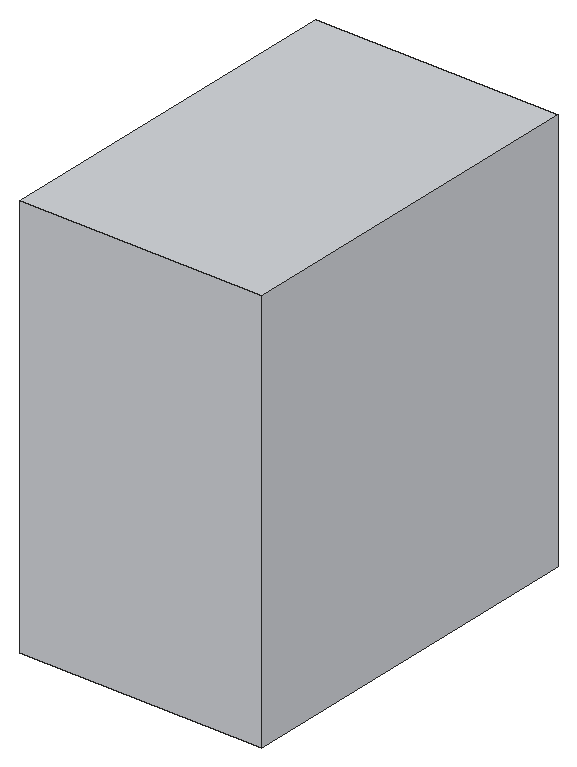
Revit family
Parameters
  Warranty Duration (Years) = 0
  Unit Width [instance] = 1' - 1"
  Unit Height [instance] = 4' - 7"
  Unit Depth = 0' - 0 15/16"
  URL = "http://www.americanspecialties.com/viewCategories.cfm"
  Trim Material = Metal - Stainless Steel
  Test Data = ""
  Specification = "http://www.arcat.com/sdspecs/htm/10810asi.htm"
  SpecWizard = ""
  Send Message = "http://www.arcat.com/users.pl?action=UserEmail&company=American%20Specialties,%20Inc.&coid=30448&rep=139&fax=914-476-0688&mf="
  Sales Information = "http://www.americanspecialties.com/contact"
  Revision = "R1_10-2010"
  Product Properties = "http://www.americanspecialties.com/datasheets/6467-9.pdf"
  Product Data = "http://www.arcat.com/arcatcos/cos30/arc30448.html"
  Model = "As Specified in 10 28 13"
  Manufacturer Website = "http://www.americanspecialties.com/viewCategories.cfm"
  Manufacturer Phone - Toll Free = ""
  Manufacturer Phone = "914-476-9000 "
  Manufacturer Fax = "914-476-0688"
  Manufacturer Address = "441 Saw Mill River Rd., Yonkers, NY 10701"
  Manufacturer = "American Specialties, Inc."
  Maintenance Schedule (Months) = 0
  Keynote = "10 28 13"
  Installation-Fabrication = "http://www.americanspecialties.com/products.cfm"
  Green Building-LEED = ""
  Expected Lifespan (Years) = 0
  Drawn By = "Robert S. Weygant. CSI, CDT, SCIP"  # constant formula
  Description = "Toilet Accessory as Specified in 10 28 13"
  Default Elevation = 4' - 0"
  Copyright = "©Arcat Inc."
  Construction Details = "http://www.arcat.com/green/clients/leed_data_30448.html"
  Building Codes = "http://www.americanspecialties.com/products.cfm"
  Body Material = Metal - Stainless Steel
  Assembly Code = "C1030210"
Reference planes (in)
  plane 1 "Center (Front/Back)": y = -0.29112
  plane 2 "Floor Line": z = 0
  plane 3 "Center (Left/Right)": x = -0.65843
Forms (in)
  Extrusion 1, solid
    sketch origin (-3, -9, -6) x (0, 0, -1) y (1, 0, 0)
      loop
        line (-82, 26) -> (-82, -19.34712) -> (-6, -19.34712) -> (-6, 26) -> (-82, 26)
    from 28.29112 to -41.06337
  Extrusion 2, solid, material "Metal - Stainless Steel" <- "Body Material"
    sketch origin (0, 4, 4) x (1, 0, 0) y (0, 1, 0)
      loop
        line (-6.15843, 22.20888) -> (-6.15843, -30.79112) -> (4.84157, -30.79112) -> (4.84157, 22.20888) -> (-6.15843, 22.20888)
    from 0 to -4
  Extrusion 3, solid, material "Metal - Stainless Steel" <- "Body Material"
    sketch origin (-0.90625, -0.29112, 4) x (1, 0, 0) y (0, 0, 1)
      loop
        line (-6.25218, 0) -> (6.74782, 0) -> (6.74782, 0.5) -> (-6.25218, 0.5) -> (-6.25218, 0)
    from -27.5 to 27.5
  Extrusion 4, void
    sketch origin (-0.65843, 6.5, 4) x (0, 1, 0) y (0, 0, 1)
      loop
        line (0.70934, -3.87158) -> (2.70888, 0) -> (2.70888, 0.9375) -> (-8.29112, 0.9375) -> (-8.29112, -3.87158) -> (0.70934, -3.87158)
    from -5.46875 to 5.46875
  Extrusion 5, void
    sketch origin (-0.65843, 4, 4) x (0, 1, 0) y (0, 0, 1)
      loop
        line (-5.79112, -0.03125) -> (-30.65864, -0.03125) -> (-30.65864, -3.87158) -> (-5.79112, -3.87158) -> (-5.79112, -0.03125)
    from -5.46875 to 5.46875
  Extrusion 6, void
    sketch origin (-34, 1.19043, 7.13751) x (1, 0, 0) y (0, 0.458881, 0.888498)
      loop
        arc (36.97904, -1.93126) -> (37.16013, -1.67833) -> (36.96657, -1.43482) r 0.2582
        line (36.96657, -1.43482) -> (36.21657, -1.43482)
        arc (36.21657, -1.43482) -> (33.34157, -0.76381) -> (30.46657, -1.43482) r 6.49463
        line (30.46657, -1.43482) -> (29.71657, -1.43482)
        arc (29.71657, -1.43482) -> (29.523, -1.67833) -> (29.70409, -1.93126) r 0.2582
        line (29.70409, -1.93126) -> (30.47904, -1.93126)
        arc (30.47904, -1.93126) -> (33.34157, -2.19871) -> (36.20409, -1.93126) r 15.45277
        line (36.20409, -1.93126) -> (36.97904, -1.93126)
    from -8.81412 to -8.56412
  Extrusion 7, solid, material "Metal - Stainless Steel" <- "Trim Material"
    sketch origin (0, 0, 3.5625) x (1, 0, 0) y (0, 1, 0)
      loop
        circle (-5.15843, -18.79112) r 0.5
      loop
        line (-5.21525, -18.37247) -> (-5.21525, -19.22198) -> (-5.10162, -19.22198) -> (-5.10162, -18.37247) -> (-5.21525, -18.37247)
      loop
        circle (-5.15843, 18.20888) r 0.5
      loop
        line (-5.21525, 17.79024) -> (-5.10162, 17.79024) -> (-5.10162, 18.63975) -> (-5.21525, 18.63975) -> (-5.21525, 17.79024)
    from 0.9375 to 1
  Extrusion 8, solid, material "Metal - Stainless Steel" <- "Body Material"
    sketch origin (0, 0, 0) x (1, 0, 0) y (0, 1, 0)
      loop
        line (-7.15843, 27.20888) -> (-7.15843, -27.79112) -> (5.84157, -27.79112) -> (5.84157, 27.20888) -> (-7.15843, 27.20888)
      loop
        line (4.84157, -26.79112) -> (4.84157, 26.20888) -> (-6.15843, 26.20888) -> (-6.15843, -26.79112) -> (4.84157, -26.79112)
    from 0 to 4
Cuts and joins
  Extrusion 4, Extrusion 5, Extrusion 6 cuts Extrusion 2
  Extrusion 4 cuts Extrusion 3
  Extrusion 4 cuts Extrusion 7
Dimensions and locks (in)
  Extrusion 3 sketch curve to Extrusion 3 sketch curve = 1' - 1"
  aligned and locked: Extrusion 1 to level
